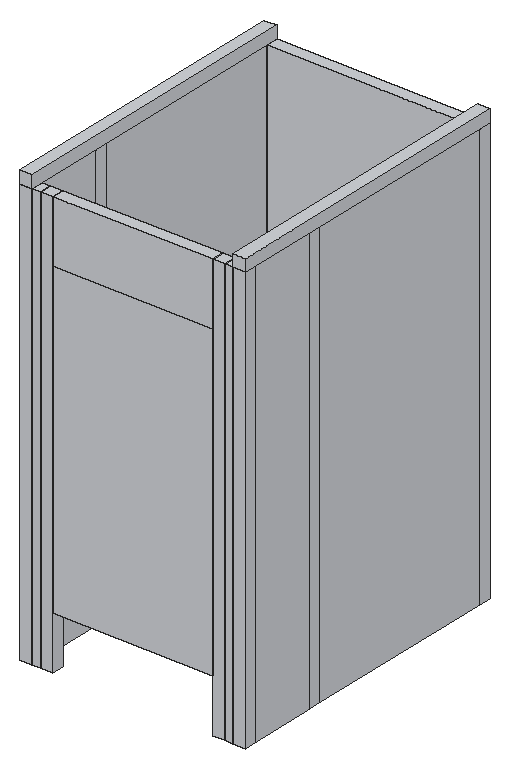
Revit family "TLFS Standard Starter", category Specialty Equipment, Revit 2016
Family settings
  Part Type = Normal
  Round Connector Dimension = Use Diameter
  Work Plane-Based = No
  Always vertical = Yes
  Cut with Voids When Loaded = No
  Shared = No
  Room Calculation Point = No
Parameters
  Tall Version 108 [instance] = no
  System Height [instance] = if((Tall Version 108), 9' 0", 8' 0")  # 8' - 0"
  Starter [instance] = yes
  Short Version 96 [instance] = not(Tall Version 108)  # yes
  Flip Door Swing [instance] = no
Reference planes (in)
  plane 1 "Center (Front/Back)": y = 0
  plane 2: z = 0
  plane 3 "Center (Left/Right)": x = 0
  plane 4: y = 18
  plane 5: z = 96
  plane 6: x = -48
  plane 7: y = 66
Dimensions and locks (in)
  "System Height": plane 5 to plane 2
  plane 1 "Center (Front/Back)" to plane 4 to plane 7 = 1' - 6", 4' - 0"
  aligned and locked: level to plane 2
  aligned and locked: nested 2 to nested 3
  aligned and locked: nested 2 to plane 3 "Center (Left/Right)"
  aligned and locked: nested 3 to nested 2
  aligned and locked: nested 3 to plane 4
  aligned and locked: level to nested 2
  aligned and locked: nested 1 to level
  aligned and locked: nested 1 to plane 2
  aligned and locked: plane 2 to nested 3
  aligned and locked: nested 6 to nested 7
  aligned and locked: nested 7 to nested 6
  aligned and locked: level to nested 6
  aligned and locked: nested 5 to level
  aligned and locked: nested 7 to plane 4
  aligned and locked: nested 6 to plane 1 "Center (Front/Back)"
  aligned and locked: nested 6 to plane 6
  aligned and locked: plane 6 to nested 5
  aligned and locked: plane 3 "Center (Left/Right)" to nested 1
  aligned and locked: nested 2 to plane 1 "Center (Front/Back)"
  aligned and locked: nested 8 to nested 9
  aligned and locked: nested 9 to nested 8
  aligned and locked: level to nested 8
  aligned and locked: plane 7 to nested 9
  aligned and locked: nested 8 to plane 4
  aligned and locked: nested 10 to nested 11
  aligned and locked: nested 11 to nested 10
  aligned and locked: level to nested 10
  aligned and locked: plane 7 to nested 11
  aligned and locked: plane 7 to nested 8
  aligned and locked: nested 10 to plane 4
  aligned and locked: nested 10 to plane 6
  aligned and locked: plane 6 to nested 12
  aligned and locked: nested 12 to plane 7
  aligned and locked: plane 1 "Center (Front/Back)" to nested 13
  aligned and locked: nested 13 to plane 7
  aligned and locked: plane 3 "Center (Left/Right)" to nested 13
  aligned and locked: nested 14 to plane 7
  aligned and locked: plane 1 "Center (Front/Back)" to nested 14
  aligned and locked: plane 6 to nested 14
  aligned and locked: plane 3 "Center (Left/Right)" to nested 12
  aligned and locked: nested 4 to plane 6
Nested families (in)
  nested 1: "FRV2U Posts" at (0, 0, 0), Post Height <- "System Height", type "FRV2U Posts"
    with Post Height 8' - 0"
  nested 2: "FRV2P Panels" at (0, 0, 0) x (0, -1, 0) z (0, 0, 1), Panel Height <- "System Height", type "FRV2P Panels"
    with Panel Width 1' - 6", Panel Height 8' - 0"
  nested 3: "FRV2U Posts" at (0, 18, 0) x (0, -1, 0) z (0, 0, 1), Post Height <- "System Height", type "FRV2U Posts"
    with Post Height 8' - 0"
  nested 4: "FRV2PD Door" at (0, 0, 0), System Height <- "System Height", Right Hinge <- "Flip Door Swing", type "FRV2PD Door"
    with Upper Panel 1' - 2", System Height 8' - 0", Right Hinge no, Left Hinge yes
  nested 5: "FRV2U Posts" at (-48, 0, 0), Post Height <- "System Height", visible <- "Starter", type "FRV2U Posts"
    with Post Height 8' - 0"
  nested 6: "FRV2P Panels" at (-48, 0, 0) x (0, -1, 0) z (0, 0, 1), Panel Height <- "System Height", visible <- "Starter", type "FRV2P Panels"
    with Panel Width 1' - 6", Panel Height 8' - 0"
  nested 7: "FRV2U Posts" at (-48, 18, 0) x (0, -1, 0) z (0, 0, 1), Post Height <- "System Height", visible <- "Starter", type "FRV2U Posts"
    with Post Height 8' - 0"
  nested 8: "FRV2P Panels" at (0, 18, 0) x (0, -1, 0) z (0, 0, 1), Panel Height <- "System Height", type "FRV2P Panels"
    with Panel Width 4' - 0", Panel Height 8' - 0"
  nested 9: "FRV2U Posts" at (0, 66, 0) x (0, -1, 0) z (0, 0, 1), Post Height <- "System Height", type "FRV2U Posts"
    with Post Height 8' - 0"
  nested 10: "FRV2P Panels" at (-48, 18, 0) x (0, -1, 0) z (0, 0, 1), Panel Height <- "System Height", visible <- "Starter", type "FRV2P Panels"
    with Panel Width 4' - 0", Panel Height 8' - 0"
  nested 11: "FRV2U Posts" at (-48, 66, 0) x (0, -1, 0) z (0, 0, 1), Post Height <- "System Height", visible <- "Starter", type "FRV2U Posts"
    with Post Height 8' - 0"
  nested 12: "FRV2P Panels" at (0, 66, 0), Panel Height <- "System Height", type "FRV2P Panels"
    with Panel Width 4' - 0", Panel Height 8' - 0"
  nested 13: "Family5" at (0, 0, 0), System Height <- "System Height", type "Family5"
    with Tube Height 8' - 2 3/4", System Height 8' - 0", Nominal Width 5' - 6"
  nested 14: "Family5" at (-48, 0, 0), System Height <- "System Height", visible <- "Starter", type "Family5"
    with Tube Height 8' - 2 3/4", System Height 8' - 0", Nominal Width 5' - 6"
Definition of nested family "FRV2U Posts"
  Parameters (values of type "FRV2U Posts")
    Post Height [instance] = 8' - 0"
  Reference planes (in)
    plane 1 "Center (Front/Back)": y = 0
    plane 2: z = 0
    plane 3 "Center (Left/Right)": x = 0
    plane 4: z = 96
  Forms (in)
    Extrusion 1, solid
      sketch origin (0, 0, 0) x (1, 0, 0) y (0, 1, 0)
        loop
          line (-1.375, 1.375) -> (-1.375, -1.375) -> (1.375, -1.375) -> (1.375, 1.375) -> (-1.375, 1.375)
      from 0 to 96
  Dimensions and locks (in)
    locked: Extrusion 1 to Extrusion 1 at 2.75  (x2)
    "Post Height": plane 4 to plane 2
    aligned and locked: level to plane 2
    aligned and locked: Extrusion 1 to plane 4
  Automatic sketch dimensions
    Extrusion 1 sketch curve to plane 3 "Center (Left/Right)" = 0' - 1 3/8"
    plane 3 "Center (Left/Right)" to Extrusion 1 sketch curve = 0' - 1 3/8"
    plane 1 "Center (Front/Back)" to Extrusion 1 sketch curve = 0' - 1 3/8"
    Extrusion 1 sketch curve to plane 1 "Center (Front/Back)" = 0' - 1 3/8"
Definition of nested family "FRV2P Panels"
  Parameters (values of type "FRV2P Panels")
    Panel Width [instance] = 4' - 0"
    Panel Height [instance] = 8' - 0"
  Reference planes (in)
    plane 1 "Center (Front/Back)": y = 0
    plane 2: z = 0
    plane 3 "Center (Left/Right)": x = 0
    plane 4: x = -48
    plane 5: z = 96
  Forms (in)
    Extrusion 1, solid
      sketch origin (4.89012, 0, 0) x (1, 0, 0) y (0, 1, 0)
        loop
          line (-6.26512, 1.375) -> (-51.51512, 1.375) -> (-51.51512, -1.375) -> (-6.26512, -1.375) -> (-6.26512, 1.375)
      from 0 to 96
  Dimensions and locks (in)
    locked: Extrusion 1 sketch curve to Extrusion 1 sketch curve at 2.75
    plane 1 "Center (Front/Back)" to Extrusion 1 sketch curve = 0' - 1 3/8"
    Extrusion 1 to Extrusion 1 = 3' - 9 1/4"
    "Panel Width": plane 4 to plane 3 "Center (Left/Right)"
    plane 4 to Extrusion 1 = 0' - 1 3/8"
    locked: plane 4 to Extrusion 1 sketch curve at 1.375
    locked: Extrusion 1 sketch curve to plane 3 "Center (Left/Right)" at 1.375
    "Panel Height": plane 5 to plane 2
    aligned and locked: level to plane 2
    aligned and locked: Extrusion 1 to plane 5
Definition of nested family "FRV2PD Door"
  Parameters (values of type "FRV2PD Door")
    System Height [instance] = 8' - 0"
    Upper Panel [instance] = System Height - 6' 10"  # 1' - 2"
    Right Hinge [instance] = no
    Left Hinge [instance] = not(Right Hinge)  # yes
  Reference planes (in)
    plane 1 "Center (Front/Back)": y = 0
    plane 2: z = 0
    plane 3 "Center (Left/Right)": x = 0
    plane 4: x = -48
    plane 5: z = 96
  Lines and regions (in)
    model lines, visible <- "Left Hinge"
      curve 1: line (-42, -1.375, 0) -> (-42, -37.375, 0)
      curve 2: arc (-42, -37.375, 0) -> (-16.54416, -26.83084, 0) -> (-6, -1.375, 0) r 36
    model lines, visible <- "Right Hinge"
      curve 3: line (-6, -1.375, 0) -> (-6, -37.375, 0)
      curve 4: arc (-6, -37.375, 0) -> (-31.45584, -26.83084, 0) -> (-42, -1.375, 0) r 36
  Dimensions and locks (in)
    nested 2 to plane 3 "Center (Left/Right)" = 0' - 4 5/8"
    nested 3 to nested 3 = 3' - 0"
    nested 4 to nested 3 = 3' - 2 3/4"
    nested 3 to plane 2 = 6' - 10"
    locked: nested 3 to plane 2 at 12
    "System Height": plane 5 to plane 2
    plane 4 to plane 3 "Center (Left/Right)" = 4' - 0"  (x2)
    plane 4 to nested 5 = 0' - 4 5/8"
    nested 5 to nested 3 = 3' - 2 3/4"
    aligned and locked: level to plane 2
    aligned and locked: nested 2 to nested 1
    aligned and locked: plane 4 to nested 5
    aligned and locked: nested 6 to nested 3
    aligned and locked: nested 2 to nested 3
    aligned and locked: nested 5 to nested 4
    aligned and locked: nested 3 to nested 4
    aligned and locked: nested 2 to nested 6
    aligned and locked: nested 5 to nested 6
  Automatic sketch dimensions
    plane 4 to curve 1 = 0' - 6"
    curve 3 to plane 3 "Center (Left/Right)" = 0' - 6"
    plane 1 "Center (Front/Back)" to curve 1 = 3' - 1 3/8"
    curve 1 to curve 3 = 0' - 0"
    plane 1 "Center (Front/Back)" to curve 2 = 0' - 1 3/8"
    curve 4 to curve 2 = 0' - 0"
    curve 3 to curve 4 = 0' - 0"
    curve 1 to curve 2 = 0' - 0"
  Nested families (in)
    nested 1: "FRV2P Panels" at (0, 0, 0), Panel Height <- "System Height", type "FRV2P Panels"
      with Panel Width 0' - 4 5/8", Panel Height 8' - 0"
    nested 2: "FRV2U Posts" at (-4.625, 0, 0), Post Height <- "System Height", type "FRV2U Posts"
      with Post Height 8' - 0"
    nested 3: "FRV2P Panels" at (-4.625, 0, 12), type "FRV2P Panels"
      with Panel Width 3' - 2 3/4", Panel Height 5' - 10"
    nested 4: "FRV2U Posts" at (-43.375, 0, 0), Post Height <- "System Height", type "FRV2U Posts"
      with Post Height 8' - 0"
    nested 5: "FRV2P Panels" at (-43.375, 0, 0), Panel Height <- "System Height", type "FRV2P Panels"
      with Panel Width 0' - 4 5/8", Panel Height 8' - 0"
    nested 6: "FRV2P Panels" at (-4.625, 0, 82), Panel Height <- "Upper Panel", type "FRV2P Panels"
      with Panel Width 3' - 2 3/4", Panel Height 1' - 2"
  Definition of nested family "FRV2P Panels"
    Parameters (values of type "FRV2P Panels")
      Panel Width [instance] = 4' - 0"
      Panel Height [instance] = 8' - 0"
    Reference planes (in)
      plane 1 "Center (Front/Back)": y = 0
      plane 2: z = 0
      plane 3 "Center (Left/Right)": x = 0
      plane 4: x = -48
      plane 5: z = 96
    Forms (in)
      Extrusion 1, solid
        sketch origin (4.89012, 0, 0) x (1, 0, 0) y (0, 1, 0)
          loop
            line (-6.26512, 1.375) -> (-51.51512, 1.375) -> (-51.51512, -1.375) -> (-6.26512, -1.375) -> (-6.26512, 1.375)
        from 0 to 96
    Dimensions and locks (in)
      locked: Extrusion 1 sketch curve to Extrusion 1 sketch curve at 2.75
      plane 1 "Center (Front/Back)" to Extrusion 1 sketch curve = 0' - 1 3/8"
      Extrusion 1 to Extrusion 1 = 3' - 9 1/4"
      "Panel Width": plane 4 to plane 3 "Center (Left/Right)"
      plane 4 to Extrusion 1 = 0' - 1 3/8"
      locked: plane 4 to Extrusion 1 sketch curve at 1.375
      locked: Extrusion 1 sketch curve to plane 3 "Center (Left/Right)" at 1.375
      "Panel Height": plane 5 to plane 2
      aligned and locked: level to plane 2
      aligned and locked: Extrusion 1 to plane 5
  Definition of nested family "FRV2U Posts"
    Parameters (values of type "FRV2U Posts")
      Post Height [instance] = 8' - 0"
    Reference planes (in)
      plane 1 "Center (Front/Back)": y = 0
      plane 2: z = 0
      plane 3 "Center (Left/Right)": x = 0
      plane 4: z = 96
    Forms (in)
      Extrusion 1, solid
        sketch origin (0, 0, 0) x (1, 0, 0) y (0, 1, 0)
          loop
            line (-1.375, 1.375) -> (-1.375, -1.375) -> (1.375, -1.375) -> (1.375, 1.375) -> (-1.375, 1.375)
        from 0 to 96
    Dimensions and locks (in)
      locked: Extrusion 1 to Extrusion 1 at 2.75  (x2)
      "Post Height": plane 4 to plane 2
      aligned and locked: level to plane 2
      aligned and locked: Extrusion 1 to plane 4
    Automatic sketch dimensions
      Extrusion 1 sketch curve to plane 3 "Center (Left/Right)" = 0' - 1 3/8"
      plane 3 "Center (Left/Right)" to Extrusion 1 sketch curve = 0' - 1 3/8"
      plane 1 "Center (Front/Back)" to Extrusion 1 sketch curve = 0' - 1 3/8"
      Extrusion 1 sketch curve to plane 1 "Center (Front/Back)" = 0' - 1 3/8"
Definition of nested family "Family5"
  Parameters (values of type "Family5")
    Tube Height [instance] = System Height + 0' 2 3/4"  # 4' - 2 3/4"
    System Height [instance] = 4' - 0"
    Nominal Width [instance] = 5' - 0"
  Reference planes (in)
    plane 1 "Center (Front/Back)": y = 0
    plane 2: z = 0
    plane 3 "Center (Left/Right)": x = 0
    plane 4: y = 60
  Forms (in)
    Extrusion 1, solid
      sketch origin (0, 0, 0) x (1, 0, 0) y (0, 1, 0)
        loop
          line (-1.375, 61.375) -> (-1.375, -1.375) -> (1.375, -1.375) -> (1.375, 61.375) -> (-1.375, 61.375)
      from 48 <- "System Height" to 50.75 <- "Tube Height"
  Dimensions and locks (in)
    "Nominal Width": plane 1 "Center (Front/Back)" to plane 4
    locked: plane 4 to Extrusion 1 sketch curve at 1.375
    Extrusion 1 sketch curve to Extrusion 1 sketch curve = 0' - 2 3/4"
    locked: Extrusion 1 sketch curve to plane 1 "Center (Front/Back)" at 1.375
    locked: Extrusion 1 sketch curve to Extrusion 1 sketch curve at 2.75
    aligned and locked: level to plane 2
  Automatic sketch dimensions
    Extrusion 1 sketch curve to plane 3 "Center (Left/Right)" = 0' - 1 3/8"
